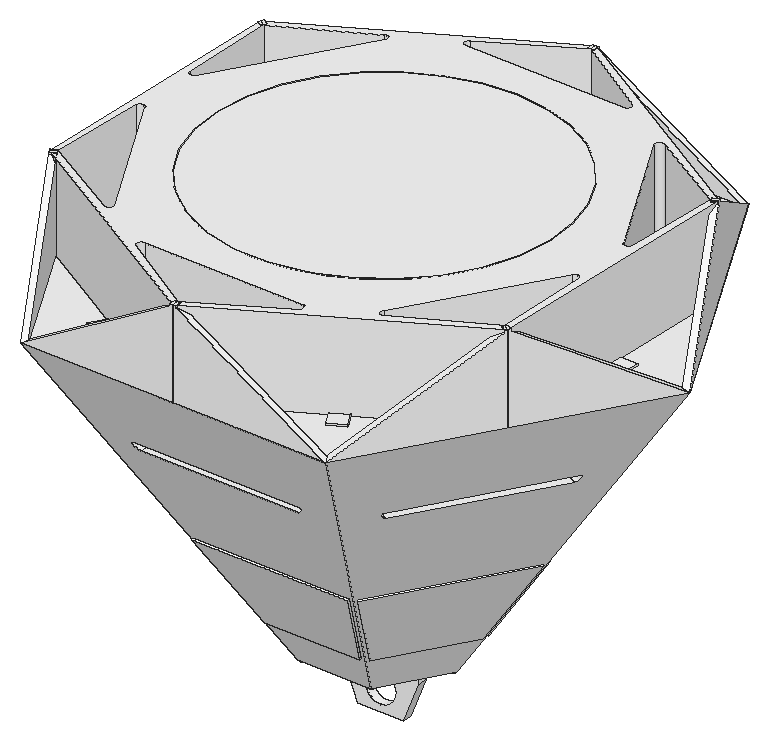
Revit family "LUXI_HIGH BAY LIGHT_PA", category Apparecchi per illuminazione, host Superficie, Revit 2016
Family settings
  Host = Superficie
  Tipo di parte = Normale
  Quota connettore circolare = Usa diametro
  Numero OmniClass = 23.80.70.00
  Titolo OmniClass = Lighting
  Taglio con vuoti quando caricato = No
  Sorgente d'illuminazione = Sì
  Condiviso = No
  Punto di calcolo locali = Sì
Parameters (values of type "HBPA150085W840D")
  Wattage = 151.472 W
  Vita utile = "L70B20 50.000ore"  # constant formula
  Variazione temperatura colore lampada con luminosità attenuata = <Nessuno>
  Uniclass 2015 Descrizione = "Lighting"  # constant formula
  Uniclass 2015 Codice = "EF_70_80"  # constant formula
  URL = "https://www.luxi.lighting/"
  Tipologie di installazione = "Sospensione"  # constant formula
  Temperatura di esercizio = "-40°C / +45°C"  # constant formula
  built-in parameter 1150107 = 4000 (stored number, unit not read)
  Step MacAdam (SDCM) = "<4"  # constant formula
  Sorgente = "LED SMD"  # constant formula
  Sistema di illuminazione = "90% luce diretta / 10% luce indiretta"  # constant formula
  Simbolo [instance] = yes
  Revisione = "3"  # constant formula
  Rendi la forma visibile nel rendering = no
  Regolazione del flusso luminoso = "1-10V"  # constant formula
  Protezione agli urti = "IK10 (20 Joule)"  # constant formula
  Prospetto di default = 2000 mm
  Produttore = "Luxi Illuminazione S.r.l."  # constant formula
  Potenza = 120 W
  Peso = 6.70 kg
  built-in parameter 1150110 = 1 (stored number, unit not read)
  built-in parameter 1150109 = 1 (stored number, unit not read)
  built-in parameter 1114218 = 1 (stored number, unit not read)
  built-in parameter 1150112 = 1 (stored number, unit not read)
  Ottiche = "Fascio 85°"  # constant formula
  Modello = "Serie PA | High Bay Light"  # constant formula
  built-in parameter 1150137 = 1
  built-in parameter 1150132 = 2
  Materiale 3 = Policarbonato Trasparente
  Materiale 2 = Policarbonato Diffondente
  Materiale 1 = Alluminio_Bianco
  Masterformat 2016 Descrizione = "Lighting"  # constant formula
  Masterformat 2016 Codice = "26.50.00"  # constant formula
  built-in parameter 1150105 = 1790.5 (stored number, unit not read)
  built-in parameter 1150102 = (empty or 0)
  Indice di resa cromatica = "≥80 (typ.)"  # constant formula
  built-in parameter 1150106 = 17.905 (stored number, unit not read)
  IFCExportAs = "IfcLightFixtureType"  # constant formula
  H = 273 mm  # constant formula
  Grado di protezione = "IP 65 (frontale)"  # constant formula
  Garanzia = "7 anni"  # constant formula
  Lumens = 22500 lm
  Color Filter = 16777215
  File diagramma fotometrico = "HBPA150085W840D Luxi SERIE PA 150W 4000K 120W.IES"
  built-in parameter 1114217 = 1 (stored number, unit not read)
  built-in parameter 1150139 = (empty or 0)
  Fattore di correzione di potenza = "≥0,95 (typ.)"  # constant formula
  Emetti da diametro cerchio = 190 mm  # constant formula
  built-in parameter 1150104 = 13.8 (stored number, unit not read)
  Distanza da soffitto [instance] = 500 mm
  built-in parameter 1150115 = 1 (stored number, unit not read)
  built-in parameter 1150114 = 1 (stored number, unit not read)
  built-in parameter 1150113 = 1 (stored number, unit not read)
  Dimensioni = "Ø350x273"  # constant formula
  Diametro = 350 mm  # constant formula
  Descrizione = "Proiettore a Led"  # constant formula
  built-in parameter 1150134 = 12
  built-in parameter 1150138 = (empty or 0)
  Colore = "Bianco"  # constant formula
  Classe di rischio fotobiologico = "Esente (RG0)"  # constant formula
  Classe di protezione = "I"  # constant formula
  Classe di efficienza energetica = "A+"  # constant formula
  Certificazioni = "CE / RohS"  # constant formula
  Carico apparente = Potenza  # 120 VA
  Articolo = "HBPA150085W840D"
  Angolo inclinazione = -90.00°
  Alimentazione = "220-240V AC / 50-60 Hz"  # constant formula
  Alimentatore = "Incluso"  # constant formula
  built-in parameter 1150133 = 10 (stored number, unit not read)
Types (2): name
  HBPA150085W840D
  HBPA150085W840D_120W
Reference planes
  plane 1 "Centro (Fronte/Retro)": y = 0
  plane 2: z = 0
  plane 3 "Centro (Sinistra/Destra)": x = 0
  plane 4: z = 500
  plane 5: z = 774.264
Dimensions and locks
  "Distanza da soffitto": plane 4 to host face
  locked: plane 5 to plane 4 at 274.264
  aligned and locked: plane 2 to host face
  aligned and locked: level to host face
  aligned and locked: plane 5 to imposter light
Automatic sketch dimensions
  host sketch curve to host sketch curve = 2438.4 mm  (x2)
Nested families
  nested 1: "PAGenericModel" at (0, 0, 500), Materiale 1 <- "Materiale 1", Materiale 2 <- "Materiale 2", Materiale 3 <- "Materiale 3", type "PAGenericModel"
  nested 2: "PaDET" at (0, 0, 0), visible <- "Simbolo", type "PaDET"
Connectors
  electrical at (0, 0, 528.596), driven by "Potenza"
    settings: on nested 1, index 1, voltage 230 V, apparent load 0 VA, apparent load phase1 120 VA, apparent load phase2 0 VA, apparent load phase3 0 VA, power factor 1, load classification "Altro", number of poles 1, system type 31, power factor state 1, is connector primary yes, connector utility no, sub classification motor no, connector description ""
Definition of nested family "PAGenericModel"
  Parameters (values of type "PAGenericModel")
    Default Elevation = 0 mm
    Materiale 3 [instance] = none
    Materiale 2 [instance] = none
    Materiale 1 [instance] = none
  Reference planes
    plane 1 "Centro (Fronte/Retro)": y = 0
    plane 2: z = 0
    plane 3 "Centro (Sinistra/Destra)": x = 0
  Forms (mm)
    Extrusion 1, solid
      sketch origin (0, 0, 0) x (1, 0, 0) y (0, 1, 0)
        loop
          line (-1219.2, 1219.2) -> (-1219.2, -1219.2) -> (1219.2, -1219.2) -> (1219.2, 1219.2) -> (-1219.2, 1219.2)
      from 0 to -304.8
    SweptBlend 2, solid, material <- "Materiale 1"
      path origin (0, 0, -2) x (1, 0, 0) y (0, 0, 1)
        loop
          line (0, 35.827) -> (0, 226.065)
      profile origin (0, 0, 33.827) x (-1, 0, 0) y (0, -1, 0)
        loop
          line (41.533, 0) -> (20.767, 35.969) -> (-20.767, 35.969) -> (-41.533, 0) -> (-20.767, -35.969) -> (20.767, -35.969) -> (41.533, 0)
      end profile origin (0, 0, 224.065) x (-1, 0, 0) y (0, -1, 0)
        loop
          line (174.999, 0) -> (87.5, 151.554) -> (-87.5, 151.554) -> (-174.999, 0) -> (-87.5, -151.554) -> (87.5, -151.554) -> (174.999, 0)
    Extrusion 3, solid, material <- "Materiale 1"
      sketch origin (0, 0, -2) x (1, 0, 0) y (0, 1, 0)
        loop
          line (0, 151.554) -> (-131.25, 75.777) -> (-131.25, -75.777) -> (0, -151.554) -> (131.25, -75.777) -> (131.25, 75.777) -> (0, 151.554)
      from 226.065 to 276.264
    Extrusion 4, solid, material <- "Materiale 1"
      sketch origin (0, 151.554, -2) x (1, 0, 0) y (0, 0, 1)
        loop
          line (0, 276.264) -> (-1.493, 276.264) -> (-1.493, 275.269) -> (-87.375, 226.065) -> (0, 226.065) -> (87.375, 226.065) -> (1.493, 275.269) -> (1.493, 276.264) -> (0, 276.264)
      from 0 to 3.5
    Extrusion 5, solid, material <- "Materiale 1"
      sketch origin (-131.25, 75.777, -2) x (0.5, 0.866025, 0) y (0, 0, 1)
        loop
          line (0, 276.264) -> (-1.493, 276.264) -> (-1.493, 275.269) -> (-87.5, 226.065) -> (0, 226.065) -> (87.5, 226.065) -> (1.493, 275.269) -> (1.493, 276.264) -> (0, 276.264)
      from 0 to 3.5
    Extrusion 6, solid, material <- "Materiale 1"
      sketch origin (-131.25, -75.777, -2) x (-0.5, 0.866025, 0) y (0, 0, 1)
        loop
          line (0, 276.264) -> (-1.493, 276.264) -> (-1.493, 275.269) -> (-87.5, 226.065) -> (0, 226.065) -> (87.5, 226.065) -> (1.493, 275.269) -> (1.493, 276.264) -> (0, 276.264)
      from 0 to 3.5
    Extrusion 7, solid, material <- "Materiale 1"
      sketch origin (128.218, 74.027, -2) x (-0.5, 0.866025, 0) y (0, 0, 1)
        loop
          line (0, 276.264) -> (-1.493, 276.264) -> (-1.493, 275.269) -> (-87.5, 226.065) -> (0, 226.065) -> (87.5, 226.065) -> (1.493, 275.269) -> (1.493, 276.264) -> (0, 276.264)
      from 0 to 3.5
    Extrusion 8, solid, material <- "Materiale 1"
      sketch origin (128.218, -74.027, -2) x (0.5, 0.866025, 0) y (0, 0, 1)
        loop
          line (0, 276.264) -> (-1.493, 276.264) -> (-1.493, 275.269) -> (-87.5, 226.065) -> (0, 226.065) -> (87.5, 226.065) -> (1.493, 275.269) -> (1.493, 276.264) -> (0, 276.264)
      from 0 to 3.5
    Extrusion 9, solid, material <- "Materiale 1"
      sketch origin (0, -148.054, -2) x (1, 0, 0) y (0, 0, 1)
        loop
          line (0, 276.264) -> (-1.493, 276.264) -> (-1.493, 275.269) -> (-87.375, 226.065) -> (0, 226.065) -> (87.375, 226.065) -> (1.493, 275.269) -> (1.493, 276.264) -> (0, 276.264)
      from 0 to 3.5
    Extrusion 10, solid, material <- "Materiale 1"
      sketch origin (0, 0, -2) x (-0.5, -0.866025, 0) y (0, 0, 1)
        loop
          line (-41.533, 35.827) -> (-22.011, 30.596) -> (0, 30.596) -> (22.011, 30.596) -> (41.533, 35.827) -> (0, 35.827) -> (-41.533, 35.827)
      from -1.8 to 1.8
    Extrusion 11, solid, material <- "Materiale 1"
      sketch origin (0, 0, -2) x (0.5, -0.866025, 0) y (0, 0, -1)
        loop
          line (-41.533, -35.827) -> (0, -35.827) -> (41.533, -35.827) -> (22.011, -30.596) -> (0, -30.596) -> (-22.011, -30.596) -> (-41.533, -35.827)
      from -1.8 to 1.8
    Revolve 12, solid, material <- "Materiale 1"
      sketch origin (0, 0, -2) x (1, 0, 0) y (0, 0, 1)
        loop
          line (-22.011, 30.596) -> (0, 30.596) -> (0, 35.827) -> (-22.011, 35.827) -> (-22.011, 30.596)
        axis (0, 35.827) -> (0, 30.596)
      angle from 0 to 360
    Extrusion 13, void
      sketch origin (0, 0, -2) x (1, 0, 0) y (0, 1, 0)
        loop
          circle (0, 0) r 95
        loop
          arc (-46.59, 119.851) -> (-47.709, 117.02) -> (-45.284, 115.18) r 2.518
          line (-45.284, 115.18) -> (45.284, 115.18)
          arc (45.284, 115.18) -> (47.71, 117.022) -> (46.586, 119.853) r 2.518
          line (46.586, 119.853) -> (-0.098, 148.049) -> (-46.59, 119.851)
        loop
          line (-80.499, 100.274) -> (-128.165, 74.109) -> (-127.089, 19.582)
          arc (-127.089, 19.582) -> (-125.199, 17.193) -> (-122.391, 18.373) r 2.518
          line (-122.391, 18.373) -> (-77.106, 96.807)
          arc (-77.106, 96.807) -> (-77.488, 99.827) -> (-80.499, 100.274) r 2.518
        loop
          arc (-80.499, -100.274) -> (-77.488, -99.827) -> (-77.106, -96.807) r 2.518
          line (-77.106, -96.807) -> (-122.391, -18.373)
          arc (-122.391, -18.373) -> (-125.199, -17.193) -> (-127.089, -19.582) r 2.518
          line (-127.089, -19.582) -> (-128.165, -74.109) -> (-80.499, -100.274)
        loop
          line (127.089, 19.577) -> (128.263, 73.94) -> (80.503, 100.271)
          arc (80.503, 100.271) -> (77.489, 99.829) -> (77.106, 96.807) r 2.518
          line (77.106, 96.807) -> (122.391, 18.373)
          arc (122.391, 18.373) -> (125.197, 17.192) -> (127.089, 19.577) r 2.518
        loop
          arc (127.089, -19.577) -> (125.197, -17.192) -> (122.391, -18.373) r 2.518
          line (122.391, -18.373) -> (77.106, -96.807)
          arc (77.106, -96.807) -> (77.489, -99.829) -> (80.503, -100.271) r 2.518
          line (80.503, -100.271) -> (128.263, -73.94) -> (127.089, -19.577)
        loop
          line (-46.59, -119.851) -> (-0.098, -148.049) -> (46.586, -119.853)
          arc (46.586, -119.853) -> (47.71, -117.022) -> (45.284, -115.18) r 2.518
          line (45.284, -115.18) -> (-45.284, -115.18)
          arc (-45.284, -115.18) -> (-47.709, -117.02) -> (-46.59, -119.851) r 2.518
      from 226.065 to 276.264
    Extrusion 14, solid, material <- "Materiale 2"
      sketch origin (0, 0, -2) x (1, 0, 0) y (0, 1, 0)
        loop
          circle (0, 0) r 95
      from 226.065 to 276.264
    Extrusion 15, solid, material <- "Materiale 2"
      sketch origin (0, 0, 224.065) x (0, -1, 0) y (1, 0, 0)
        loop
          line (-113.665, 65.625) -> (-111.165, 69.955) -> (-119.826, 74.955) -> (-124.826, 66.295) -> (-116.165, 61.295) -> (-113.665, 65.625)
        loop
          line (-113.665, -65.625) -> (-116.165, -61.295) -> (-124.826, -66.295) -> (-119.826, -74.955) -> (-111.165, -69.955) -> (-113.665, -65.625)
        loop
          line (-0.174, -131.249) -> (-5.174, -131.243) -> (-5.187, -141.243) -> (4.813, -141.256) -> (4.826, -131.256) -> (-0.174, -131.249)
        loop
          line (0, 131.25) -> (5, 131.25) -> (5, 141.25) -> (-5, 141.25) -> (-5, 131.25) -> (0, 131.25)
        loop
          line (113.665, 65.625) -> (116.165, 61.295) -> (124.826, 66.295) -> (119.826, 74.955) -> (111.165, 69.955) -> (113.665, 65.625)
        loop
          line (113.752, -65.474) -> (111.258, -69.808) -> (119.925, -74.796) -> (124.913, -66.129) -> (116.246, -61.141) -> (113.752, -65.474)
      from 0 to 1
    Extrusion 16, void
      sketch origin (0, 0, -2) x (1, 0, 0) y (0, 0, 1)
        loop
          line (-49.303, 176.066) -> (-48.308, 175.268)
          arc (-48.308, 175.268) -> (-47.704, 172.47) -> (-45.319, 170.887) r 3.8
          line (-45.319, 170.887) -> (45.319, 170.887)
          arc (45.319, 170.887) -> (47.704, 172.47) -> (48.308, 175.268) r 3.8
          line (48.308, 175.268) -> (49.303, 176.066) -> (-49.303, 176.066)
      from -151.554 to 151.554
    Extrusion 17, void
      sketch origin (0, 0, -2) x (-0.5, -0.866025, 0) y (0, 0, -1)
        loop
          line (-49.303, -176.066) -> (49.303, -176.066) -> (48.308, -175.268)
          arc (48.308, -175.268) -> (47.704, -172.47) -> (45.319, -170.887) r 3.8
          line (45.319, -170.887) -> (-45.319, -170.887)
          arc (-45.319, -170.887) -> (-47.704, -172.47) -> (-48.308, -175.268) r 3.8
          line (-48.308, -175.268) -> (-49.303, -176.066)
      from -151.554 to 151.554
    Extrusion 18, void
      sketch origin (0, 0, -2) x (-0.5, 0.866025, 0) y (0, 0, 1)
        loop
          line (-49.303, 176.066) -> (-48.308, 175.268)
          arc (-48.308, 175.268) -> (-47.704, 172.47) -> (-45.319, 170.887) r 3.8
          line (-45.319, 170.887) -> (45.319, 170.887)
          arc (45.319, 170.887) -> (47.704, 172.47) -> (48.308, 175.268) r 3.8
          line (48.308, 175.268) -> (49.303, 176.066) -> (-49.303, 176.066)
      from -151.554 to 151.554
    Extrusion 19, solid, material <- "Materiale 3"
      sketch origin (-31.15, -17.984, 33.827) x (-0.5, 0.866025, 0) y (0.449684, 0.259625, -0.854622)
        loop
          line (-44.696, -86.784) -> (44.696, -86.784) -> (27.127, -28.179) -> (-27.127, -28.179) -> (-44.696, -86.784)
      from 0 to 1
    Extrusion 20, solid, material <- "Materiale 3"
      sketch origin (-31.15, 17.984, 33.827) x (-0.5, -0.866025, 0) y (-0.449684, 0.259625, 0.854622)
        loop
          line (-44.696, 86.784) -> (-27.127, 28.179) -> (27.127, 28.179) -> (44.696, 86.784) -> (-44.696, 86.784)
      from 0 to 1
    Extrusion 21, solid, material <- "Materiale 3"
      sketch origin (0, 35.969, 33.827) x (1, 0, 0) y (0, -0.519251, -0.854622)
        loop
          line (-44.696, -86.784) -> (44.696, -86.784) -> (27.127, -28.179) -> (-27.127, -28.179) -> (-44.696, -86.784)
      from 0 to 1
    Extrusion 22, solid, material <- "Materiale 3"
      sketch origin (31.15, 17.984, 33.827) x (-0.5, 0.866025, 0) y (0.449684, 0.259625, 0.854622)
        loop
          line (-44.696, 86.784) -> (-27.127, 28.179) -> (27.127, 28.179) -> (44.696, 86.784) -> (-44.696, 86.784)
      from 0 to 1
    Extrusion 23, solid, material <- "Materiale 3"
      sketch origin (31.15, -17.984, 33.827) x (-0.5, -0.866025, 0) y (-0.449684, 0.259625, -0.854622)
        loop
          line (-44.696, -86.784) -> (44.696, -86.784) -> (27.127, -28.179) -> (-27.127, -28.179) -> (-44.696, -86.784)
      from 0 to 1
    Extrusion 24, solid, material <- "Materiale 1"
      sketch origin (0, 0, -2) x (1, 0, 0) y (0, 0, 1)
        loop
          line (-22.011, 30.596) -> (-22.011, 23.505) -> (-13.084, 2) -> (0, 2) -> (13.084, 2) -> (22.011, 23.505) -> (22.011, 30.596) -> (0, 30.596) -> (-22.011, 30.596)
        loop
          circle (0, 14.541) r 8.964
      from -2.5 to 2.5
    Extrusion 25, void
      sketch origin (0, 0, 474.065) x (0, -1, 0) y (1, 0, 0)
        loop
          line (-35.969, -20.767) -> (0, -41.533) -> (35.969, -20.767) -> (35.969, 20.767) -> (0, 41.533) -> (-35.969, 20.767) -> (-35.969, -20.767)
        loop
          line (-40.912, -23.621) -> (0, -47.242) -> (40.912, -23.621) -> (40.912, 23.621) -> (0, 47.242) -> (-40.912, 23.621) -> (-40.912, -23.621)
      from -476.065 to -440.238
    Extrusion 26, solid, material <- "Materiale 1"
      sketch origin (0, 0, -2) x (1, 0, 0) y (0, 0, 1)
        loop
          line (-41.533, 35.827) -> (-22.011, 30.596) -> (0, 30.596) -> (22.011, 30.596) -> (41.533, 35.827) -> (0, 35.827) -> (-41.533, 35.827)
      from -1.8 to 1.8
    Extrusion 27, solid, material <- "Materiale 3"
      sketch origin (0, -35.969, 33.827) x (1, 0, 0) y (0, -0.519251, 0.854622)
        loop
          line (-44.696, 86.784) -> (-27.127, 28.179) -> (27.127, 28.179) -> (44.696, 86.784) -> (-44.696, 86.784)
      from 0 to 1
  Cuts and joins
    Extrusion 13 cuts Extrusion 3
    Extrusion 16, Extrusion 17, Extrusion 18 cuts SweptBlend 2
    Extrusion 25 cuts Revolve 12
    Extrusion 25 cuts Extrusion 11
    Extrusion 25 cuts Extrusion 10
    Extrusion 25 cuts Extrusion 26
  Dimensions and locks
    aligned and locked: plane 2 to Extrusion 1
    aligned and locked: level to Extrusion 1
Definition of nested family "PaDET"
  Reference planes
    plane 1 "Centro (Fronte/Retro)": y = 0
    plane 2: z = 0
    plane 3 "Centro (Sinistra/Destra)": x = 0
  Lines and regions (mm)
    detail lines, in view "Livello rif."
      curve 1: circle (0, 0, 0) r 95 normal (0, 0, 1)
      curve 2: line (-87.469, 151.5, 0) -> (-174.937, 0, 0)
      curve 3: line (-174.937, 0, 0) -> (-87.469, -151.5, 0)
      curve 4: line (-87.469, -151.5, 0) -> (87.469, -151.5, 0)
      curve 5: line (87.469, -151.5, 0) -> (174.937, 0, 0)
      curve 6: line (174.937, 0, 0) -> (87.469, 151.5, 0)
      curve 7: line (87.469, 151.5, 0) -> (-87.469, 151.5, 0)
      curve 8: line (0, 151.5, 0) -> (-131.203, 75.75, 0)
      curve 9: line (-131.203, 75.75, 0) -> (-131.203, -75.75, 0)
      curve 10: line (-131.203, -75.75, 0) -> (0, -151.5, 0)
      curve 11: line (0, -151.5, 0) -> (131.203, -75.75, 0)
      curve 12: line (131.203, -75.75, 0) -> (131.203, 75.75, 0)
      curve 13: line (131.203, 75.75, 0) -> (0, 151.5, 0)
      curve 14: line (-57.158, -114.459, 0) -> (0, -147.459, 0)
      curve 15: line (0, -147.459, 0) -> (57.158, -114.459, 0)
      curve 16: line (57.158, -114.459, 0) -> (-57.158, -114.459, 0)
      curve 17: line (-70.545, -106.729, 0) -> (-127.703, -73.729, 0)
      curve 18: line (-127.703, -73.729, 0) -> (-127.703, -7.729, 0)
      curve 19: line (-127.703, -7.729, 0) -> (-70.545, -106.729, 0)
      curve 20: line (-70.545, 106.729, 0) -> (-127.703, 73.729, 0)
      curve 21: line (-127.703, 73.729, 0) -> (-127.703, 7.729, 0)
      curve 22: line (-127.703, 7.729, 0) -> (-70.545, 106.729, 0)
      curve 23: line (-57.158, 114.459, 0) -> (0, 147.459, 0)
      curve 24: line (0, 147.459, 0) -> (57.158, 114.459, 0)
      curve 25: line (57.158, 114.459, 0) -> (-57.158, 114.459, 0)
      curve 26: line (127.703, 7.729, 0) -> (127.703, 73.729, 0)
      curve 27: line (127.703, 73.729, 0) -> (70.545, 106.729, 0)
      curve 28: line (70.545, 106.729, 0) -> (127.703, 7.729, 0)
      curve 29: line (127.703, -7.729, 0) -> (127.703, -73.729, 0)
      curve 30: line (127.703, -73.729, 0) -> (70.545, -106.729, 0)
      curve 31: line (70.545, -106.729, 0) -> (127.703, -7.729, 0)
